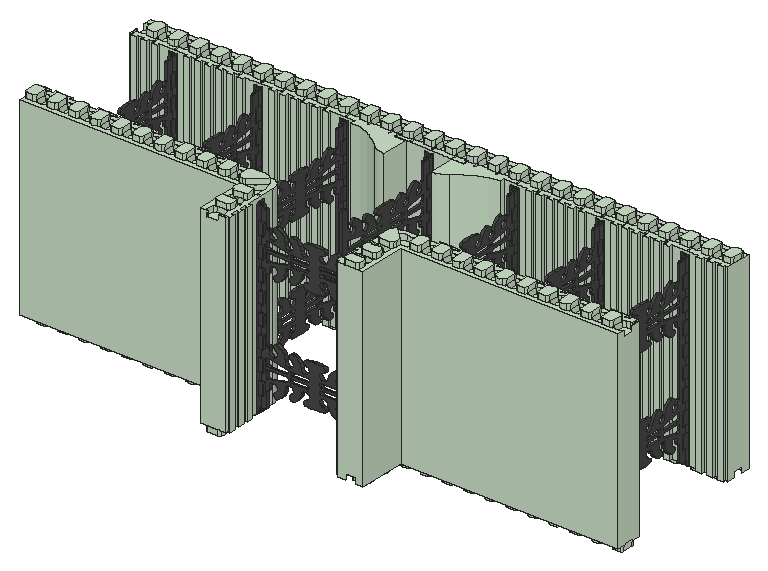
Revit family "ICF- NUDURA 10-inch- Short T Form Unit- Imperial", category Generic Models, Revit 2010
Reference planes (in)
  plane 1 "Center (Front/Back)": y = -2
  plane 2: z = 0
  plane 3 "Center (Left/Right)": x = 2
  plane 4: y = 3
  plane 5: y = -7
  plane 6: x = 7
  plane 7: x = -3
  plane 8: z = 18
Forms (in)
  Extrusion 1, solid, material "NUDURA Expanded Polystyrene Foam Insulation"
    sketch origin (0, 0, 0) x (1, 0, 0) y (0, 1, 0)
      loop
        arc (-3.25, -8.49998) -> (-3.61612, -7.6161) -> (-4.5, -7.24998) r 1.25
        line (-4.5, -7.24998) -> (-7.28117, -7.24998) -> (-7.21883, -6.99998) -> (-7.78117, -6.99998) -> (-7.71883, -7.24998) -> (-8.28117, -7.24998) -> (-8.21883, -6.99998) -> (-8.78117, -6.99998) -> (-8.71883, -7.24998) -> (-9.28117, -7.24998) -> (-9.21883, -6.99998) -> (-9.78117, -6.99998) -> (-9.71883, -7.24998) -> (-10.28117, -7.24998) -> (-10.21883, -6.99998) -> (-10.78117, -6.99998) -> (-10.71883, -7.24998) -> (-11.2818, -7.24998) -> (-11.21947, -6.99998) -> (-11.7818, -6.99998) -> (-11.71947, -7.24998) -> (-12.2818, -7.24998) -> (-12.21947, -6.99998) -> (-12.7818, -6.99998) -> (-12.71947, -7.24998) -> (-15.28116, -7.24998) -> (-15.21883, -6.99998) -> (-15.78116, -6.99998) -> (-15.71883, -7.24998) -> (-16.28116, -7.24998) -> (-16.21883, -6.99998) -> (-16.78116, -6.99998) -> (-16.71883, -7.24998) -> (-17.28116, -7.24998) -> (-17.21883, -6.99998) -> (-17.78116, -6.99998) -> (-17.71883, -7.24998) -> (-18.28179, -7.24998) -> (-18.21946, -6.99998) -> (-18.78179, -6.99998) -> (-18.71946, -7.24998) -> (-19.28179, -7.24998) -> (-19.21946, -6.99998) -> (-19.78179, -6.99998) -> (-19.71946, -7.24998) -> (-20.28179, -7.24998) -> (-20.21946, -6.99998) -> (-20.78179, -6.99998) -> (-20.71946, -7.24998) -> (-23.28115, -7.24998) -> (-23.21882, -6.99998) -> (-23.78115, -6.99998) -> (-23.71882, -7.24998) -> (-24.28115, -7.24998) -> (-24.21882, -6.99998) -> (-24.78115, -6.99998) -> (-24.71882, -7.24998) -> (-25.28115, -7.24998) -> (-25.21882, -6.99998) -> (-25.78115, -6.99998) -> (-25.71882, -7.24998) -> (-26, -7.24998) -> (-26, -9.62244) -> (-5.625, -9.62244) -> (-5.625, -13.99744) -> (-3.25, -13.99744) -> (-3.25, -13.71882) -> (-3, -13.78115) -> (-3, -13.21882) -> (-3.25, -13.28115) -> (-3.25, -12.71882) -> (-3, -12.78115) -> (-3, -12.21882) -> (-3.25, -12.28115) -> (-3.25, -11.71882) -> (-3, -11.78115) -> (-3, -11.21882) -> (-3.25, -11.28115) -> (-3.25, -8.49998)
      loop
        line (9, 2.875) -> (9, 3.25) -> (11.28117, 3.25) -> (11.21883, 3) -> (11.78117, 3) -> (11.71883, 3.25) -> (12.28117, 3.25) -> (12.21883, 3) -> (12.78117, 3) -> (12.71883, 3.25) -> (13.28117, 3.25) -> (13.21883, 3) -> (13.78117, 3) -> (13.71883, 3.25) -> (14.28053, 3.25) -> (14.2182, 3) -> (14.78053, 3) -> (14.7182, 3.25) -> (15.28053, 3.25) -> (15.2182, 3) -> (15.78053, 3) -> (15.7182, 3.25) -> (16.28053, 3.25) -> (16.2182, 3) -> (16.78053, 3) -> (16.7182, 3.25) -> (19.28116, 3.25) -> (19.21883, 3) -> (19.78116, 3) -> (19.71883, 3.25) -> (20.28116, 3.25) -> (20.21883, 3) -> (20.78116, 3) -> (20.71883, 3.25) -> (21.28116, 3.25) -> (21.21883, 3) -> (21.78116, 3) -> (21.71883, 3.25) -> (22.28053, 3.25) -> (22.21819, 3) -> (22.78053, 3) -> (22.71819, 3.25) -> (23.28053, 3.25) -> (23.21819, 3) -> (23.78053, 3) -> (23.71819, 3.25) -> (24.28053, 3.25) -> (24.21819, 3) -> (24.78053, 3) -> (24.71819, 3.25) -> (27.28115, 3.25) -> (27.21882, 3) -> (27.78115, 3) -> (27.71882, 3.25) -> (28.28115, 3.25) -> (28.21882, 3) -> (28.78115, 3) -> (28.71882, 3.25) -> (29.28115, 3.25) -> (29.21882, 3) -> (29.78115, 3) -> (29.71882, 3.25) -> (30, 3.25) -> (30, 5.62754) -> (5.25, 5.62754) -> (5.25, 5.17633) -> (5, 5.24332) -> (5, 4.63633) -> (5.25, 4.69867) -> (5.25, 4.17633) -> (5, 4.24332) -> (5, 3.63633) -> (5.25, 3.69867) -> (5.25, 3.25) -> (4.21883, 3.25) -> (4.21883, 0.75162)
        arc (4.21883, 0.75162) -> (4.91296, 0.90605) -> (5.50918, 1.29358) r 2
        arc (5.50918, 1.29358) -> (7.12304, 2.37468) -> (9, 2.875) r 5.91797
      loop
        line (-0.21883, 0.75162) -> (-0.21883, 3.25) -> (-1.25, 3.25) -> (-1.25, 3.69867) -> (-1, 3.63633) -> (-1, 4.24332) -> (-1.25, 4.17633) -> (-1.25, 4.69867) -> (-1, 4.63633) -> (-1, 5.24332) -> (-1.25, 5.17633) -> (-1.25, 5.62754) -> (-26, 5.62754) -> (-26, 3.25) -> (-25.71882, 3.25) -> (-25.78115, 3) -> (-25.21882, 3) -> (-25.28115, 3.25) -> (-24.71882, 3.25) -> (-24.78115, 3) -> (-24.21882, 3) -> (-24.28115, 3.25) -> (-23.71882, 3.25) -> (-23.78115, 3) -> (-23.21882, 3) -> (-23.28115, 3.25) -> (-20.71819, 3.25) -> (-20.78053, 3) -> (-20.21819, 3) -> (-20.28053, 3.25) -> (-19.71819, 3.25) -> (-19.78053, 3) -> (-19.21819, 3) -> (-19.28053, 3.25) -> (-18.71819, 3.25) -> (-18.78053, 3) -> (-18.21819, 3) -> (-18.28053, 3.25) -> (-17.71883, 3.25) -> (-17.78116, 3) -> (-17.21883, 3) -> (-17.28116, 3.25) -> (-16.71883, 3.25) -> (-16.78116, 3) -> (-16.21883, 3) -> (-16.28116, 3.25) -> (-15.71883, 3.25) -> (-15.78116, 3) -> (-15.21883, 3) -> (-15.28116, 3.25) -> (-12.7182, 3.25) -> (-12.78053, 3) -> (-12.2182, 3) -> (-12.28053, 3.25) -> (-11.7182, 3.25) -> (-11.78053, 3) -> (-11.2182, 3) -> (-11.28053, 3.25) -> (-10.7182, 3.25) -> (-10.78053, 3) -> (-10.2182, 3) -> (-10.28053, 3.25) -> (-9.71883, 3.25) -> (-9.78117, 3) -> (-9.21883, 3) -> (-9.28117, 3.25) -> (-8.71883, 3.25) -> (-8.78117, 3) -> (-8.21883, 3) -> (-8.28117, 3.25) -> (-7.71883, 3.25) -> (-7.78117, 3) -> (-7.21883, 3) -> (-7.28117, 3.25) -> (-5, 3.25) -> (-5, 2.875)
        arc (-5, 2.875) -> (-3.12304, 2.37468) -> (-1.50918, 1.29358) r 5.91797
        arc (-1.50918, 1.29358) -> (-0.91296, 0.90605) -> (-0.21883, 0.75162) r 2
      loop
        line (7.25, -8.49998) -> (7.25, -11.28115) -> (7, -11.21882) -> (7, -11.78115) -> (7.25, -11.71882) -> (7.25, -12.28115) -> (7, -12.21882) -> (7, -12.78115) -> (7.25, -12.71882) -> (7.25, -13.28115) -> (7, -13.21882) -> (7, -13.78115) -> (7.25, -13.71882) -> (7.25, -13.99998) -> (9.625, -13.99998) -> (9.625, -9.62244) -> (30, -9.62244) -> (30, -7.24998) -> (29.71882, -7.24998) -> (29.78115, -6.99998) -> (29.21882, -6.99998) -> (29.28115, -7.24998) -> (28.71882, -7.24998) -> (28.78115, -6.99998) -> (28.21882, -6.99998) -> (28.28115, -7.24998) -> (27.71882, -7.24998) -> (27.78115, -6.99998) -> (27.21882, -6.99998) -> (27.28115, -7.24998) -> (24.71946, -7.24998) -> (24.78179, -6.99998) -> (24.21946, -6.99998) -> (24.28179, -7.24998) -> (23.71946, -7.24998) -> (23.78179, -6.99998) -> (23.21946, -6.99998) -> (23.28179, -7.24998) -> (22.71946, -7.24998) -> (22.78179, -6.99998) -> (22.21946, -6.99998) -> (22.28179, -7.24998) -> (21.71883, -7.24998) -> (21.78116, -6.99998) -> (21.21883, -6.99998) -> (21.28116, -7.24998) -> (20.71883, -7.24998) -> (20.78116, -6.99998) -> (20.21883, -6.99998) -> (20.28116, -7.24998) -> (19.71883, -7.24998) -> (19.78116, -6.99998) -> (19.21883, -6.99998) -> (19.28116, -7.24998) -> (16.71947, -7.24998) -> (16.7818, -6.99998) -> (16.21947, -6.99998) -> (16.2818, -7.24998) -> (15.71947, -7.24998) -> (15.7818, -6.99998) -> (15.21947, -6.99998) -> (15.2818, -7.24998) -> (14.71947, -7.24998) -> (14.7818, -6.99998) -> (14.21947, -6.99998) -> (14.2818, -7.24998) -> (13.71883, -7.24998) -> (13.78117, -6.99998) -> (13.21883, -6.99998) -> (13.28117, -7.24998) -> (12.71883, -7.24998) -> (12.78117, -6.99998) -> (12.21883, -6.99998) -> (12.28117, -7.24998) -> (11.71883, -7.24998) -> (11.78117, -6.99998) -> (11.21883, -6.99998) -> (11.28117, -7.24998) -> (8.5, -7.24998)
        arc (8.5, -7.24998) -> (7.61612, -7.6161) -> (7.25, -8.49998) r 1.25
    from 0 to 18
  Extrusion 2, void
    sketch origin (0, 12, 0) x (1, 0, 0) y (0, 1, 0)
      loop
        arc (-5.13595, -25.17306) -> (-5.1875, -25.49998) -> (-5.13595, -25.8269) r 1.0625
        arc (-5.13595, -25.8269) -> (-5.0592, -25.94114) -> (-4.93362, -25.99744) r 0.25
        line (-4.93362, -25.99744) -> (-3.94138, -25.99744)
        arc (-3.94138, -25.99744) -> (-3.86932, -25.97564) -> (-3.80702, -25.93338) r 0.25
        arc (-3.80702, -25.93338) -> (-3.78736, -25.92104) -> (-3.76455, -25.91673) r 0.0625
        line (-3.76455, -25.91673) -> (-3.41845, -25.91673) -> (-3.41845, -25.7459) -> (-3.64005, -25.7459)
        arc (-3.64005, -25.7459) -> (-3.68771, -25.72383) -> (-3.70172, -25.67321) r 0.0625
        arc (-3.70172, -25.67321) -> (-3.69045, -25.4209) -> (-3.73905, -25.17306) r 1.0625
        arc (-3.73905, -25.17306) -> (-3.82983, -25.04783) -> (-3.97692, -24.99998) r 0.25
        line (-3.97692, -24.99998) -> (-4.89808, -24.99998)
        arc (-4.89808, -24.99998) -> (-5.04517, -25.04783) -> (-5.13595, -25.17306) r 0.25
    from 18 to 17.5
  Extrusion 3, void
    sketch origin (0, 14, 0) x (1, 0, 0) y (0, 1, 0)
      loop
        arc (-5.13595, -25.17306) -> (-5.1875, -25.49998) -> (-5.13595, -25.8269) r 1.0625
        arc (-5.13595, -25.8269) -> (-5.04517, -25.95213) -> (-4.89808, -25.99998) r 0.25
        line (-4.89808, -25.99998) -> (-3.97692, -25.99998)
        arc (-3.97692, -25.99998) -> (-3.88568, -25.98274) -> (-3.80702, -25.93338) r 0.25
        arc (-3.80702, -25.93338) -> (-3.78736, -25.92104) -> (-3.76455, -25.91673) r 0.0625
        line (-3.76455, -25.91673) -> (-3.41845, -25.91673) -> (-3.41845, -25.7459) -> (-3.64005, -25.7459)
        arc (-3.64005, -25.7459) -> (-3.68771, -25.72383) -> (-3.70172, -25.67321) r 0.0625
        arc (-3.70172, -25.67321) -> (-3.69045, -25.4209) -> (-3.73905, -25.17306) r 1.0625
        arc (-3.73905, -25.17306) -> (-3.82983, -25.04783) -> (-3.97692, -24.99998) r 0.25
        line (-3.97692, -24.99998) -> (-4.89808, -24.99998)
        arc (-4.89808, -24.99998) -> (-5.04517, -25.04783) -> (-5.13595, -25.17306) r 0.25
    from 18 to 17.5
  Extrusion 4, void
    sketch origin (0, -4, 0) x (1, 0, 0) y (0, 1, 0)
      loop
        line (-5.1875, -5.18748) -> (-5.1875, -5.49998)
        arc (-5.1875, -5.49998) -> (-5.17453, -5.66546) -> (-5.13595, -5.8269) r 1.0625
        arc (-5.13595, -5.8269) -> (-5.04517, -5.95213) -> (-4.89808, -5.99998) r 0.25
        line (-4.89808, -5.99998) -> (-3.97692, -5.99998)
        arc (-3.97692, -5.99998) -> (-3.88568, -5.98274) -> (-3.80702, -5.93338) r 0.25
        arc (-3.80702, -5.93338) -> (-3.78736, -5.92104) -> (-3.76455, -5.91673) r 0.0625
        line (-3.76455, -5.91673) -> (-3.41845, -5.91673) -> (-3.41845, -5.7459) -> (-3.64005, -5.7459)
        arc (-3.64005, -5.7459) -> (-3.68771, -5.72383) -> (-3.70172, -5.67321) r 0.0625
        arc (-3.70172, -5.67321) -> (-3.69106, -5.58689) -> (-3.6875, -5.49998) r 1.0625
        line (-3.6875, -5.49998) -> (-3.6875, -4.68748)
        arc (-3.6875, -4.68748) -> (-3.76362, -4.3048) -> (-3.98039, -3.98037) r 1
        line (-3.98039, -3.98037) -> (-5.1875, -5.18748)
    from 18 to 17.5
  Extrusion 5, void
    sketch origin (-31.99998, -3.99998, 0) x (0, 1, 0) y (-1, 0, 0)
      loop
        arc (-5.13595, -25.17306) -> (-5.1875, -25.49998) -> (-5.13595, -25.8269) r 1.0625
        arc (-5.13595, -25.8269) -> (-5.04517, -25.95213) -> (-4.89808, -25.99998) r 0.25
        line (-4.89808, -25.99998) -> (-3.97692, -25.99998)
        arc (-3.97692, -25.99998) -> (-3.88568, -25.98274) -> (-3.80702, -25.93338) r 0.25
        arc (-3.80702, -25.93338) -> (-3.78736, -25.92104) -> (-3.76455, -25.91673) r 0.0625
        line (-3.76455, -25.91673) -> (-3.41845, -25.91673) -> (-3.41845, -25.7459) -> (-3.64005, -25.7459)
        arc (-3.64005, -25.7459) -> (-3.68771, -25.72383) -> (-3.70172, -25.67321) r 0.0625
        arc (-3.70172, -25.67321) -> (-3.69045, -25.4209) -> (-3.73905, -25.17306) r 1.0625
        arc (-3.73905, -25.17306) -> (-3.82983, -25.04783) -> (-3.97692, -24.99998) r 0.25
        line (-3.97692, -24.99998) -> (-4.89808, -24.99998)
        arc (-4.89808, -24.99998) -> (-5.04517, -25.04783) -> (-5.13595, -25.17306) r 0.25
    from 18 to 17.5
  Extrusion 6, void
    sketch origin (-33.99998, -3.99998, 0) x (0, 1, 0) y (-1, 0, 0)
      loop
        arc (-5.13595, -25.17306) -> (-5.1875, -25.49998) -> (-5.13595, -25.8269) r 1.0625
        arc (-5.13595, -25.8269) -> (-5.04517, -25.95213) -> (-4.89808, -25.99998) r 0.25
        line (-4.89808, -25.99998) -> (-3.97692, -25.99998)
        arc (-3.97692, -25.99998) -> (-3.88568, -25.98274) -> (-3.80702, -25.93338) r 0.25
        arc (-3.80702, -25.93338) -> (-3.78736, -25.92104) -> (-3.76455, -25.91673) r 0.0625
        line (-3.76455, -25.91673) -> (-3.41845, -25.91673) -> (-3.41845, -25.7459) -> (-3.64005, -25.7459)
        arc (-3.64005, -25.7459) -> (-3.68771, -25.72383) -> (-3.70172, -25.67321) r 0.0625
        arc (-3.70172, -25.67321) -> (-3.69045, -25.4209) -> (-3.73905, -25.17306) r 1.0625
        arc (-3.73905, -25.17306) -> (-3.82983, -25.04783) -> (-3.97692, -24.99998) r 0.25
        line (-3.97692, -24.99998) -> (-4.89808, -24.99998)
        arc (-4.89808, -24.99998) -> (-5.04517, -25.04783) -> (-5.13595, -25.17306) r 0.25
    from 18 to 17.5
  Extrusion 7, void
    sketch origin (0, -37.99996, 0) x (1, 0, 0) y (0, 1, 0)
      loop
        arc (-5.13595, 25.17306) -> (-5.04517, 25.04783) -> (-4.89808, 24.99998) r 0.25
        line (-4.89808, 24.99998) -> (-3.97692, 24.99998)
        arc (-3.97692, 24.99998) -> (-3.82983, 25.04783) -> (-3.73905, 25.17306) r 0.25
        arc (-3.73905, 25.17306) -> (-3.69045, 25.4209) -> (-3.70172, 25.67321) r 1.0625
        arc (-3.70172, 25.67321) -> (-3.68771, 25.72383) -> (-3.64005, 25.7459) r 0.0625
        line (-3.64005, 25.7459) -> (-3.41845, 25.7459) -> (-3.41845, 25.91673) -> (-3.76455, 25.91673)
        arc (-3.76455, 25.91673) -> (-3.78736, 25.92104) -> (-3.80702, 25.93338) r 0.0625
        arc (-3.80702, 25.93338) -> (-3.88568, 25.98274) -> (-3.97692, 25.99998) r 0.25
        line (-3.97692, 25.99998) -> (-4.89808, 25.99998)
        arc (-4.89808, 25.99998) -> (-5.04517, 25.95213) -> (-5.13595, 25.8269) r 0.25
        arc (-5.13595, 25.8269) -> (-5.1875, 25.49998) -> (-5.13595, 25.17306) r 1.0625
    from 0 to 0.5
  Extrusion 8, void
    sketch origin (0, -35.99996, 0) x (1, 0, 0) y (0, 1, 0)
      loop
        arc (-5.13595, 25.17306) -> (-5.04517, 25.04783) -> (-4.89808, 24.99998) r 0.25
        line (-4.89808, 24.99998) -> (-3.97692, 24.99998)
        arc (-3.97692, 24.99998) -> (-3.82983, 25.04783) -> (-3.73905, 25.17306) r 0.25
        arc (-3.73905, 25.17306) -> (-3.69045, 25.4209) -> (-3.70172, 25.67321) r 1.0625
        arc (-3.70172, 25.67321) -> (-3.68771, 25.72383) -> (-3.64005, 25.7459) r 0.0625
        line (-3.64005, 25.7459) -> (-3.41845, 25.7459) -> (-3.41845, 25.91673) -> (-3.76455, 25.91673)
        arc (-3.76455, 25.91673) -> (-3.78736, 25.92104) -> (-3.80702, 25.93338) r 0.0625
        arc (-3.80702, 25.93338) -> (-3.88568, 25.98274) -> (-3.97692, 25.99998) r 0.25
        line (-3.97692, 25.99998) -> (-4.89808, 25.99998)
        arc (-4.89808, 25.99998) -> (-5.04517, 25.95213) -> (-5.13595, 25.8269) r 0.25
        arc (-5.13595, 25.8269) -> (-5.1875, 25.49998) -> (-5.13595, 25.17306) r 1.0625
    from 0 to 0.5
  Extrusion 9, void
    sketch origin (-0.00002, -3.99998, 0) x (0, 1, 0) y (-1, 0, 0)
      loop
        line (-5.1875, 5.18748) -> (-3.98039, 3.98037)
        arc (-3.98039, 3.98037) -> (-3.76362, 4.3048) -> (-3.6875, 4.68748) r 1
        line (-3.6875, 4.68748) -> (-3.6875, 5.49998)
        arc (-3.6875, 5.49998) -> (-3.69106, 5.58689) -> (-3.70172, 5.67321) r 1.0625
        arc (-3.70172, 5.67321) -> (-3.68771, 5.72383) -> (-3.64005, 5.7459) r 0.0625
        line (-3.64005, 5.7459) -> (-3.41845, 5.7459) -> (-3.41845, 5.91673) -> (-3.76455, 5.91673)
        arc (-3.76455, 5.91673) -> (-3.78736, 5.92104) -> (-3.80702, 5.93338) r 0.0625
        arc (-3.80702, 5.93338) -> (-3.88568, 5.98274) -> (-3.97692, 5.99998) r 0.25
        line (-3.97692, 5.99998) -> (-4.89808, 5.99998)
        arc (-4.89808, 5.99998) -> (-5.04517, 5.95213) -> (-5.13595, 5.8269) r 0.25
        arc (-5.13595, 5.8269) -> (-5.17453, 5.66546) -> (-5.1875, 5.49998) r 1.0625
        line (-5.1875, 5.49998) -> (-5.1875, 5.18748)
    from 0 to 0.5
  Extrusion 10, void
    sketch origin (17.99998, -3.99998, 0) x (0, 1, 0) y (-1, 0, 0)
      loop
        arc (-5.13595, 25.17306) -> (-5.04517, 25.04783) -> (-4.89808, 24.99998) r 0.25
        line (-4.89808, 24.99998) -> (-3.97692, 24.99998)
        arc (-3.97692, 24.99998) -> (-3.82983, 25.04783) -> (-3.73905, 25.17306) r 0.25
        arc (-3.73905, 25.17306) -> (-3.69045, 25.4209) -> (-3.70172, 25.67321) r 1.0625
        arc (-3.70172, 25.67321) -> (-3.68771, 25.72383) -> (-3.64005, 25.7459) r 0.0625
        line (-3.64005, 25.7459) -> (-3.41845, 25.7459) -> (-3.41845, 25.91673) -> (-3.76455, 25.91673)
        arc (-3.76455, 25.91673) -> (-3.78736, 25.92104) -> (-3.80702, 25.93338) r 0.0625
        arc (-3.80702, 25.93338) -> (-3.88568, 25.98274) -> (-3.97692, 25.99998) r 0.25
        line (-3.97692, 25.99998) -> (-4.89808, 25.99998)
        arc (-4.89808, 25.99998) -> (-5.04517, 25.95213) -> (-5.13595, 25.8269) r 0.25
        arc (-5.13595, 25.8269) -> (-5.1875, 25.49998) -> (-5.13595, 25.17306) r 1.0625
    from 0 to 0.5
  Extrusion 11, void
    sketch origin (15.99998, -3.99998, 0) x (0, 1, 0) y (-1, 0, 0)
      loop
        arc (-5.13595, 25.17306) -> (-5.04517, 25.04783) -> (-4.89808, 24.99998) r 0.25
        line (-4.89808, 24.99998) -> (-3.97692, 24.99998)
        arc (-3.97692, 24.99998) -> (-3.82983, 25.04783) -> (-3.73905, 25.17306) r 0.25
        arc (-3.73905, 25.17306) -> (-3.69045, 25.4209) -> (-3.70172, 25.67321) r 1.0625
        arc (-3.70172, 25.67321) -> (-3.68771, 25.72383) -> (-3.64005, 25.7459) r 0.0625
        line (-3.64005, 25.7459) -> (-3.41845, 25.7459) -> (-3.41845, 25.91673) -> (-3.76455, 25.91673)
        arc (-3.76455, 25.91673) -> (-3.78736, 25.92104) -> (-3.80702, 25.93338) r 0.0625
        arc (-3.80702, 25.93338) -> (-3.88568, 25.98274) -> (-3.97692, 25.99998) r 0.25
        line (-3.97692, 25.99998) -> (-4.89808, 25.99998)
        arc (-4.89808, 25.99998) -> (-5.04517, 25.95213) -> (-5.13595, 25.8269) r 0.25
        arc (-5.13595, 25.8269) -> (-5.1875, 25.49998) -> (-5.13595, 25.17306) r 1.0625
    from 0 to 0.5
  Extrusion 12, void
    sketch origin (4, -37.99996, 0) x (-1, 0, 0) y (0, -1, 0)
      loop
        arc (-5.13595, -25.17306) -> (-5.1875, -25.49998) -> (-5.13595, -25.8269) r 1.0625
        arc (-5.13595, -25.8269) -> (-5.04517, -25.95213) -> (-4.89808, -25.99998) r 0.25
        line (-4.89808, -25.99998) -> (-3.97692, -25.99998)
        arc (-3.97692, -25.99998) -> (-3.88568, -25.98274) -> (-3.80702, -25.93338) r 0.25
        arc (-3.80702, -25.93338) -> (-3.78736, -25.92104) -> (-3.76455, -25.91673) r 0.0625
        line (-3.76455, -25.91673) -> (-3.41845, -25.91673) -> (-3.41845, -25.7459) -> (-3.64005, -25.7459)
        arc (-3.64005, -25.7459) -> (-3.68771, -25.72383) -> (-3.70172, -25.67321) r 0.0625
        arc (-3.70172, -25.67321) -> (-3.69045, -25.4209) -> (-3.73905, -25.17306) r 1.0625
        arc (-3.73905, -25.17306) -> (-3.82983, -25.04783) -> (-3.97692, -24.99998) r 0.25
        line (-3.97692, -24.99998) -> (-4.89808, -24.99998)
        arc (-4.89808, -24.99998) -> (-5.04517, -25.04783) -> (-5.13595, -25.17306) r 0.25
    from 18 to 17.5
  Extrusion 13, void
    sketch origin (4, -35.99996, 0) x (-1, 0, 0) y (0, -1, 0)
      loop
        arc (-5.13595, -25.17306) -> (-5.1875, -25.49998) -> (-5.13595, -25.8269) r 1.0625
        arc (-5.13595, -25.8269) -> (-5.04517, -25.95213) -> (-4.89808, -25.99998) r 0.25
        line (-4.89808, -25.99998) -> (-3.97692, -25.99998)
        arc (-3.97692, -25.99998) -> (-3.88568, -25.98274) -> (-3.80702, -25.93338) r 0.25
        arc (-3.80702, -25.93338) -> (-3.78736, -25.92104) -> (-3.76455, -25.91673) r 0.0625
        line (-3.76455, -25.91673) -> (-3.41845, -25.91673) -> (-3.41845, -25.7459) -> (-3.64005, -25.7459)
        arc (-3.64005, -25.7459) -> (-3.68771, -25.72383) -> (-3.70172, -25.67321) r 0.0625
        arc (-3.70172, -25.67321) -> (-3.69045, -25.4209) -> (-3.73905, -25.17306) r 1.0625
        arc (-3.73905, -25.17306) -> (-3.82983, -25.04783) -> (-3.97692, -24.99998) r 0.25
        line (-3.97692, -24.99998) -> (-4.89808, -24.99998)
        arc (-4.89808, -24.99998) -> (-5.04517, -25.04783) -> (-5.13595, -25.17306) r 0.25
    from 18 to 17.5
  Extrusion 14, void
    sketch origin (-13.99998, -3.99998, 0) x (0, 1, 0) y (-1, 0, 0)
      loop
        arc (-5.13595, -25.17306) -> (-5.1875, -25.49998) -> (-5.13595, -25.8269) r 1.0625
        arc (-5.13595, -25.8269) -> (-5.04517, -25.95213) -> (-4.89808, -25.99998) r 0.25
        line (-4.89808, -25.99998) -> (-3.97692, -25.99998)
        arc (-3.97692, -25.99998) -> (-3.88568, -25.98274) -> (-3.80702, -25.93338) r 0.25
        arc (-3.80702, -25.93338) -> (-3.78736, -25.92104) -> (-3.76455, -25.91673) r 0.0625
        line (-3.76455, -25.91673) -> (-3.41845, -25.91673) -> (-3.41845, -25.7459) -> (-3.64005, -25.7459)
        arc (-3.64005, -25.7459) -> (-3.68771, -25.72383) -> (-3.70172, -25.67321) r 0.0625
        arc (-3.70172, -25.67321) -> (-3.69045, -25.4209) -> (-3.73905, -25.17306) r 1.0625
        arc (-3.73905, -25.17306) -> (-3.82983, -25.04783) -> (-3.97692, -24.99998) r 0.25
        line (-3.97692, -24.99998) -> (-4.89808, -24.99998)
        arc (-4.89808, -24.99998) -> (-5.04517, -25.04783) -> (-5.13595, -25.17306) r 0.25
    from 18 to 17.5
  Extrusion 15, void
    sketch origin (-11.99998, -3.99998, 0) x (0, 1, 0) y (-1, 0, 0)
      loop
        arc (-5.13595, -25.17306) -> (-5.1875, -25.49998) -> (-5.13595, -25.8269) r 1.0625
        arc (-5.13595, -25.8269) -> (-5.04517, -25.95213) -> (-4.89808, -25.99998) r 0.25
        line (-4.89808, -25.99998) -> (-3.97692, -25.99998)
        arc (-3.97692, -25.99998) -> (-3.88568, -25.98274) -> (-3.80702, -25.93338) r 0.25
        arc (-3.80702, -25.93338) -> (-3.78736, -25.92104) -> (-3.76455, -25.91673) r 0.0625
        line (-3.76455, -25.91673) -> (-3.41845, -25.91673) -> (-3.41845, -25.7459) -> (-3.64005, -25.7459)
        arc (-3.64005, -25.7459) -> (-3.68771, -25.72383) -> (-3.70172, -25.67321) r 0.0625
        arc (-3.70172, -25.67321) -> (-3.69045, -25.4209) -> (-3.73905, -25.17306) r 1.0625
        arc (-3.73905, -25.17306) -> (-3.82983, -25.04783) -> (-3.97692, -24.99998) r 0.25
        line (-3.97692, -24.99998) -> (-4.89808, -24.99998)
        arc (-4.89808, -24.99998) -> (-5.04517, -25.04783) -> (-5.13595, -25.17306) r 0.25
    from 18 to 17.5
  Extrusion 16, void
    sketch origin (4, -4, 0) x (1, 0, 0) y (0, 1, 0)
      loop
        arc (5.67323, -3.7017) -> (5.58691, -3.69104) -> (5.5, -3.68748) r 1.0625
        line (5.5, -3.68748) -> (4.6875, -3.68748)
        arc (4.6875, -3.68748) -> (4.30482, -3.7636) -> (3.98039, -3.98037) r 1
        line (3.98039, -3.98037) -> (5.1875, -5.18748) -> (5.5, -5.18748)
        arc (5.5, -5.18748) -> (5.66548, -5.17452) -> (5.82692, -5.13593) r 1.0625
        arc (5.82692, -5.13593) -> (5.95215, -5.04515) -> (6, -4.89806) r 0.25
        line (6, -4.89806) -> (6, -3.9769)
        arc (6, -3.9769) -> (5.98276, -3.88566) -> (5.9334, -3.807) r 0.25
        arc (5.9334, -3.807) -> (5.92106, -3.78734) -> (5.91675, -3.76453) r 0.0625
        line (5.91675, -3.76453) -> (5.91675, -3.41844) -> (5.74592, -3.41844) -> (5.74592, -3.64003)
        arc (5.74592, -3.64003) -> (5.72385, -3.68769) -> (5.67323, -3.7017) r 0.0625
    from 18 to 17.5
  Extrusion 17, void
    sketch origin (4, 12, 0) x (-1, 0, 0) y (0, -1, 0)
      loop
        arc (-5.13595, 25.17306) -> (-5.04517, 25.04783) -> (-4.89808, 24.99998) r 0.25
        line (-4.89808, 24.99998) -> (-3.97692, 24.99998)
        arc (-3.97692, 24.99998) -> (-3.82983, 25.04783) -> (-3.73905, 25.17306) r 0.25
        arc (-3.73905, 25.17306) -> (-3.69045, 25.4209) -> (-3.70172, 25.67321) r 1.0625
        arc (-3.70172, 25.67321) -> (-3.68771, 25.72383) -> (-3.64005, 25.7459) r 0.0625
        line (-3.64005, 25.7459) -> (-3.41845, 25.7459) -> (-3.41845, 25.91673) -> (-3.76455, 25.91673)
        arc (-3.76455, 25.91673) -> (-3.78736, 25.92104) -> (-3.80702, 25.93338) r 0.0625
        arc (-3.80702, 25.93338) -> (-3.88568, 25.98274) -> (-3.97692, 25.99998) r 0.25
        line (-3.97692, 25.99998) -> (-4.89808, 25.99998)
        arc (-4.89808, 25.99998) -> (-5.04517, 25.95213) -> (-5.13595, 25.8269) r 0.25
        arc (-5.13595, 25.8269) -> (-5.1875, 25.49998) -> (-5.13595, 25.17306) r 1.0625
    from 0 to 0.5
  Extrusion 18, void
    sketch origin (4, 14, 0) x (-1, 0, 0) y (0, -1, 0)
      loop
        arc (-5.13595, 25.17306) -> (-5.04517, 25.04783) -> (-4.89808, 24.99998) r 0.25
        line (-4.89808, 24.99998) -> (-3.97692, 24.99998)
        arc (-3.97692, 24.99998) -> (-3.82983, 25.04783) -> (-3.73905, 25.17306) r 0.25
        arc (-3.73905, 25.17306) -> (-3.69045, 25.4209) -> (-3.70172, 25.67321) r 1.0625
        arc (-3.70172, 25.67321) -> (-3.68771, 25.72383) -> (-3.64005, 25.7459) r 0.0625
        line (-3.64005, 25.7459) -> (-3.41845, 25.7459) -> (-3.41845, 25.91673) -> (-3.76455, 25.91673)
        arc (-3.76455, 25.91673) -> (-3.78736, 25.92104) -> (-3.80702, 25.93338) r 0.0625
        arc (-3.80702, 25.93338) -> (-3.88568, 25.98274) -> (-3.97692, 25.99998) r 0.25
        line (-3.97692, 25.99998) -> (-4.89808, 25.99998)
        arc (-4.89808, 25.99998) -> (-5.04517, 25.95213) -> (-5.13595, 25.8269) r 0.25
        arc (-5.13595, 25.8269) -> (-5.1875, 25.49998) -> (-5.13595, 25.17306) r 1.0625
    from 0 to 0.5
  Extrusion 19, void
    sketch origin (4.00002, -3.99998, 0) x (0, -1, 0) y (1, 0, 0)
      loop
        arc (5.67323, 3.7017) -> (5.72385, 3.68769) -> (5.74592, 3.64003) r 0.0625
        line (5.74592, 3.64003) -> (5.74592, 3.41844) -> (5.91675, 3.41844) -> (5.91675, 3.76453)
        arc (5.91675, 3.76453) -> (5.92106, 3.78734) -> (5.9334, 3.807) r 0.0625
        arc (5.9334, 3.807) -> (5.98276, 3.88566) -> (6, 3.9769) r 0.25
        line (6, 3.9769) -> (6, 4.89806)
        arc (6, 4.89806) -> (5.95215, 5.04515) -> (5.82692, 5.13593) r 0.25
        arc (5.82692, 5.13593) -> (5.66548, 5.17452) -> (5.5, 5.18748) r 1.0625
        line (5.5, 5.18748) -> (5.1875, 5.18748) -> (3.98039, 3.98037)
        arc (3.98039, 3.98037) -> (4.30482, 3.7636) -> (4.6875, 3.68748) r 1
        line (4.6875, 3.68748) -> (5.5, 3.68748)
        arc (5.5, 3.68748) -> (5.58691, 3.69104) -> (5.67323, 3.7017) r 1.0625
    from 0 to 0.5
  Extrusion 20, void
    sketch origin (35.99998, -3.99998, 0) x (0, 1, 0) y (-1, 0, 0)
      loop
        arc (-5.13595, 25.17306) -> (-5.04517, 25.04783) -> (-4.89808, 24.99998) r 0.25
        line (-4.89808, 24.99998) -> (-3.97692, 24.99998)
        arc (-3.97692, 24.99998) -> (-3.82983, 25.04783) -> (-3.73905, 25.17306) r 0.25
        arc (-3.73905, 25.17306) -> (-3.69045, 25.4209) -> (-3.70172, 25.67321) r 1.0625
        arc (-3.70172, 25.67321) -> (-3.68771, 25.72383) -> (-3.64005, 25.7459) r 0.0625
        line (-3.64005, 25.7459) -> (-3.41845, 25.7459) -> (-3.41845, 25.91673) -> (-3.76455, 25.91673)
        arc (-3.76455, 25.91673) -> (-3.78736, 25.92104) -> (-3.80702, 25.93338) r 0.0625
        arc (-3.80702, 25.93338) -> (-3.88568, 25.98274) -> (-3.97692, 25.99998) r 0.25
        line (-3.97692, 25.99998) -> (-4.89808, 25.99998)
        arc (-4.89808, 25.99998) -> (-5.04517, 25.95213) -> (-5.13595, 25.8269) r 0.25
        arc (-5.13595, 25.8269) -> (-5.1875, 25.49998) -> (-5.13595, 25.17306) r 1.0625
    from 0 to 0.5
  Extrusion 21, void
    sketch origin (37.99998, -3.99998, 0) x (0, 1, 0) y (-1, 0, 0)
      loop
        arc (-5.13595, 25.17306) -> (-5.04517, 25.04783) -> (-4.89808, 24.99998) r 0.25
        line (-4.89808, 24.99998) -> (-3.97692, 24.99998)
        arc (-3.97692, 24.99998) -> (-3.82983, 25.04783) -> (-3.73905, 25.17306) r 0.25
        arc (-3.73905, 25.17306) -> (-3.69045, 25.4209) -> (-3.70172, 25.67321) r 1.0625
        arc (-3.70172, 25.67321) -> (-3.68771, 25.72383) -> (-3.64005, 25.7459) r 0.0625
        line (-3.64005, 25.7459) -> (-3.41845, 25.7459) -> (-3.41845, 25.91673) -> (-3.76455, 25.91673)
        arc (-3.76455, 25.91673) -> (-3.78736, 25.92104) -> (-3.80702, 25.93338) r 0.0625
        arc (-3.80702, 25.93338) -> (-3.88568, 25.98274) -> (-3.97692, 25.99998) r 0.25
        line (-3.97692, 25.99998) -> (-4.89808, 25.99998)
        arc (-4.89808, 25.99998) -> (-5.04517, 25.95213) -> (-5.13595, 25.8269) r 0.25
        arc (-5.13595, 25.8269) -> (-5.1875, 25.49998) -> (-5.13595, 25.17306) r 1.0625
    from 0 to 0.5
  Extrusion 22, void
    sketch origin (15.99998, -0.00002, 0) x (0, -1, 0) y (1, 0, 0)
      loop
        arc (-5.13595, -25.17306) -> (-5.1875, -25.49998) -> (-5.13595, -25.8269) r 1.0625
        arc (-5.13595, -25.8269) -> (-5.04517, -25.95213) -> (-4.89808, -25.99998) r 0.25
        line (-4.89808, -25.99998) -> (-3.97692, -25.99998)
        arc (-3.97692, -25.99998) -> (-3.88568, -25.98274) -> (-3.80702, -25.93338) r 0.25
        arc (-3.80702, -25.93338) -> (-3.78736, -25.92104) -> (-3.76455, -25.91673) r 0.0625
        line (-3.76455, -25.91673) -> (-3.41845, -25.91673) -> (-3.41845, -25.7459) -> (-3.64005, -25.7459)
        arc (-3.64005, -25.7459) -> (-3.68771, -25.72383) -> (-3.70172, -25.67321) r 0.0625
        arc (-3.70172, -25.67321) -> (-3.69045, -25.4209) -> (-3.73905, -25.17306) r 1.0625
        arc (-3.73905, -25.17306) -> (-3.82983, -25.04783) -> (-3.97692, -24.99998) r 0.25
        line (-3.97692, -24.99998) -> (-4.89808, -24.99998)
        arc (-4.89808, -24.99998) -> (-5.04517, -25.04783) -> (-5.13595, -25.17306) r 0.25
    from 18 to 17.5
  Extrusion 23, void
    sketch origin (17.99998, -0.00002, 0) x (0, -1, 0) y (1, 0, 0)
      loop
        arc (-5.13595, -25.17306) -> (-5.1875, -25.49998) -> (-5.13595, -25.8269) r 1.0625
        arc (-5.13595, -25.8269) -> (-5.04517, -25.95213) -> (-4.89808, -25.99998) r 0.25
        line (-4.89808, -25.99998) -> (-3.97692, -25.99998)
        arc (-3.97692, -25.99998) -> (-3.88568, -25.98274) -> (-3.80702, -25.93338) r 0.25
        arc (-3.80702, -25.93338) -> (-3.78736, -25.92104) -> (-3.76455, -25.91673) r 0.0625
        line (-3.76455, -25.91673) -> (-3.41845, -25.91673) -> (-3.41845, -25.7459) -> (-3.64005, -25.7459)
        arc (-3.64005, -25.7459) -> (-3.68771, -25.72383) -> (-3.70172, -25.67321) r 0.0625
        arc (-3.70172, -25.67321) -> (-3.69045, -25.4209) -> (-3.73905, -25.17306) r 1.0625
        arc (-3.73905, -25.17306) -> (-3.82983, -25.04783) -> (-3.97692, -24.99998) r 0.25
        line (-3.97692, -24.99998) -> (-4.89808, -24.99998)
        arc (-4.89808, -24.99998) -> (-5.04517, -25.04783) -> (-5.13595, -25.17306) r 0.25
    from 18 to 17.5
  Extrusion 24, void
    sketch origin (19.99998, -0.00002, 0) x (0, -1, 0) y (1, 0, 0)
      loop
        arc (-5.13595, -25.17306) -> (-5.1875, -25.49998) -> (-5.13595, -25.8269) r 1.0625
        arc (-5.13595, -25.8269) -> (-5.04517, -25.95213) -> (-4.89808, -25.99998) r 0.25
        line (-4.89808, -25.99998) -> (-3.97692, -25.99998)
        arc (-3.97692, -25.99998) -> (-3.88568, -25.98274) -> (-3.80702, -25.93338) r 0.25
        arc (-3.80702, -25.93338) -> (-3.78736, -25.92104) -> (-3.76455, -25.91673) r 0.0625
        line (-3.76455, -25.91673) -> (-3.41845, -25.91673) -> (-3.41845, -25.7459) -> (-3.64005, -25.7459)
        arc (-3.64005, -25.7459) -> (-3.68771, -25.72383) -> (-3.70172, -25.67321) r 0.0625
        arc (-3.70172, -25.67321) -> (-3.69045, -25.4209) -> (-3.73905, -25.17306) r 1.0625
        arc (-3.73905, -25.17306) -> (-3.82983, -25.04783) -> (-3.97692, -24.99998) r 0.25
        line (-3.97692, -24.99998) -> (-4.89808, -24.99998)
        arc (-4.89808, -24.99998) -> (-5.04517, -25.04783) -> (-5.13595, -25.17306) r 0.25
    from 18 to 17.5
  Extrusion 25, void
    sketch origin (21.99998, -0.00002, 0) x (0, -1, 0) y (1, 0, 0)
      loop
        arc (-5.13595, -25.17306) -> (-5.1875, -25.49998) -> (-5.13595, -25.8269) r 1.0625
        arc (-5.13595, -25.8269) -> (-5.04517, -25.95213) -> (-4.89808, -25.99998) r 0.25
        line (-4.89808, -25.99998) -> (-3.97692, -25.99998)
        arc (-3.97692, -25.99998) -> (-3.88568, -25.98274) -> (-3.80702, -25.93338) r 0.25
        arc (-3.80702, -25.93338) -> (-3.78736, -25.92104) -> (-3.76455, -25.91673) r 0.0625
        line (-3.76455, -25.91673) -> (-3.41845, -25.91673) -> (-3.41845, -25.7459) -> (-3.64005, -25.7459)
        arc (-3.64005, -25.7459) -> (-3.68771, -25.72383) -> (-3.70172, -25.67321) r 0.0625
        arc (-3.70172, -25.67321) -> (-3.69045, -25.4209) -> (-3.73905, -25.17306) r 1.0625
        arc (-3.73905, -25.17306) -> (-3.82983, -25.04783) -> (-3.97692, -24.99998) r 0.25
        line (-3.97692, -24.99998) -> (-4.89808, -24.99998)
        arc (-4.89808, -24.99998) -> (-5.04517, -25.04783) -> (-5.13595, -25.17306) r 0.25
    from 18 to 17.5
  Extrusion 26, void
    sketch origin (23.99998, -0.00002, 0) x (0, -1, 0) y (1, 0, 0)
      loop
        arc (-5.13595, -25.17306) -> (-5.1875, -25.49998) -> (-5.13595, -25.8269) r 1.0625
        arc (-5.13595, -25.8269) -> (-5.04517, -25.95213) -> (-4.89808, -25.99998) r 0.25
        line (-4.89808, -25.99998) -> (-3.97692, -25.99998)
        arc (-3.97692, -25.99998) -> (-3.88568, -25.98274) -> (-3.80702, -25.93338) r 0.25
        arc (-3.80702, -25.93338) -> (-3.78736, -25.92104) -> (-3.76455, -25.91673) r 0.0625
        line (-3.76455, -25.91673) -> (-3.41845, -25.91673) -> (-3.41845, -25.7459) -> (-3.64005, -25.7459)
        arc (-3.64005, -25.7459) -> (-3.68771, -25.72383) -> (-3.70172, -25.67321) r 0.0625
        arc (-3.70172, -25.67321) -> (-3.69045, -25.4209) -> (-3.73905, -25.17306) r 1.0625
        arc (-3.73905, -25.17306) -> (-3.82983, -25.04783) -> (-3.97692, -24.99998) r 0.25
        line (-3.97692, -24.99998) -> (-4.89808, -24.99998)
        arc (-4.89808, -24.99998) -> (-5.04517, -25.04783) -> (-5.13595, -25.17306) r 0.25
    from 18 to 17.5
  Extrusion 27, void
    sketch origin (25.99998, -0.00002, 0) x (0, -1, 0) y (1, 0, 0)
      loop
        arc (-5.13595, -25.17306) -> (-5.1875, -25.49998) -> (-5.13595, -25.8269) r 1.0625
        arc (-5.13595, -25.8269) -> (-5.04517, -25.95213) -> (-4.89808, -25.99998) r 0.25
        line (-4.89808, -25.99998) -> (-3.97692, -25.99998)
        arc (-3.97692, -25.99998) -> (-3.88568, -25.98274) -> (-3.80702, -25.93338) r 0.25
        arc (-3.80702, -25.93338) -> (-3.78736, -25.92104) -> (-3.76455, -25.91673) r 0.0625
        line (-3.76455, -25.91673) -> (-3.41845, -25.91673) -> (-3.41845, -25.7459) -> (-3.64005, -25.7459)
        arc (-3.64005, -25.7459) -> (-3.68771, -25.72383) -> (-3.70172, -25.67321) r 0.0625
        arc (-3.70172, -25.67321) -> (-3.69045, -25.4209) -> (-3.73905, -25.17306) r 1.0625
        arc (-3.73905, -25.17306) -> (-3.82983, -25.04783) -> (-3.97692, -24.99998) r 0.25
        line (-3.97692, -24.99998) -> (-4.89808, -24.99998)
        arc (-4.89808, -24.99998) -> (-5.04517, -25.04783) -> (-5.13595, -25.17306) r 0.25
    from 18 to 17.5
  Extrusion 28, void
    sketch origin (27.99998, -0.00002, 0) x (0, -1, 0) y (1, 0, 0)
      loop
        arc (-5.13595, -25.17306) -> (-5.1875, -25.49998) -> (-5.13595, -25.8269) r 1.0625
        arc (-5.13595, -25.8269) -> (-5.04517, -25.95213) -> (-4.89808, -25.99998) r 0.25
        line (-4.89808, -25.99998) -> (-3.97692, -25.99998)
        arc (-3.97692, -25.99998) -> (-3.88568, -25.98274) -> (-3.80702, -25.93338) r 0.25
        arc (-3.80702, -25.93338) -> (-3.78736, -25.92104) -> (-3.76455, -25.91673) r 0.0625
        line (-3.76455, -25.91673) -> (-3.41845, -25.91673) -> (-3.41845, -25.7459) -> (-3.64005, -25.7459)
        arc (-3.64005, -25.7459) -> (-3.68771, -25.72383) -> (-3.70172, -25.67321) r 0.0625
        arc (-3.70172, -25.67321) -> (-3.69045, -25.4209) -> (-3.73905, -25.17306) r 1.0625
        arc (-3.73905, -25.17306) -> (-3.82983, -25.04783) -> (-3.97692, -24.99998) r 0.25
        line (-3.97692, -24.99998) -> (-4.89808, -24.99998)
        arc (-4.89808, -24.99998) -> (-5.04517, -25.04783) -> (-5.13595, -25.17306) r 0.25
    from 18 to 17.5
  Extrusion 29, void
    sketch origin (29.99998, -0.00002, 0) x (0, -1, 0) y (1, 0, 0)
      loop
        arc (-5.13595, -25.17306) -> (-5.1875, -25.49998) -> (-5.13595, -25.8269) r 1.0625
        arc (-5.13595, -25.8269) -> (-5.04517, -25.95213) -> (-4.89808, -25.99998) r 0.25
        line (-4.89808, -25.99998) -> (-3.97692, -25.99998)
        arc (-3.97692, -25.99998) -> (-3.88568, -25.98274) -> (-3.80702, -25.93338) r 0.25
        arc (-3.80702, -25.93338) -> (-3.78736, -25.92104) -> (-3.76455, -25.91673) r 0.0625
        line (-3.76455, -25.91673) -> (-3.41845, -25.91673) -> (-3.41845, -25.7459) -> (-3.64005, -25.7459)
        arc (-3.64005, -25.7459) -> (-3.68771, -25.72383) -> (-3.70172, -25.67321) r 0.0625
        arc (-3.70172, -25.67321) -> (-3.69045, -25.4209) -> (-3.73905, -25.17306) r 1.0625
        arc (-3.73905, -25.17306) -> (-3.82983, -25.04783) -> (-3.97692, -24.99998) r 0.25
        line (-3.97692, -24.99998) -> (-4.89808, -24.99998)
        arc (-4.89808, -24.99998) -> (-5.04517, -25.04783) -> (-5.13595, -25.17306) r 0.25
    from 18 to 17.5
  Extrusion 30, void
    sketch origin (31.99998, -0.00002, 0) x (0, -1, 0) y (1, 0, 0)
      loop
        arc (-5.13595, -25.17306) -> (-5.1875, -25.49998) -> (-5.13595, -25.8269) r 1.0625
        arc (-5.13595, -25.8269) -> (-5.04517, -25.95213) -> (-4.89808, -25.99998) r 0.25
        line (-4.89808, -25.99998) -> (-3.97692, -25.99998)
        arc (-3.97692, -25.99998) -> (-3.88568, -25.98274) -> (-3.80702, -25.93338) r 0.25
        arc (-3.80702, -25.93338) -> (-3.78736, -25.92104) -> (-3.76455, -25.91673) r 0.0625
        line (-3.76455, -25.91673) -> (-3.41845, -25.91673) -> (-3.41845, -25.7459) -> (-3.64005, -25.7459)
        arc (-3.64005, -25.7459) -> (-3.68771, -25.72383) -> (-3.70172, -25.67321) r 0.0625
        arc (-3.70172, -25.67321) -> (-3.69045, -25.4209) -> (-3.73905, -25.17306) r 1.0625
        arc (-3.73905, -25.17306) -> (-3.82983, -25.04783) -> (-3.97692, -24.99998) r 0.25
        line (-3.97692, -24.99998) -> (-4.89808, -24.99998)
        arc (-4.89808, -24.99998) -> (-5.04517, -25.04783) -> (-5.13595, -25.17306) r 0.25
    from 18 to 17.5
  Extrusion 31, void
    sketch origin (33.99998, -0.00002, 0) x (0, -1, 0) y (1, 0, 0)
      loop
        arc (-5.13595, -25.17306) -> (-5.1875, -25.49998) -> (-5.13595, -25.8269) r 1.0625
        arc (-5.13595, -25.8269) -> (-5.04517, -25.95213) -> (-4.89808, -25.99998) r 0.25
        line (-4.89808, -25.99998) -> (-3.97692, -25.99998)
        arc (-3.97692, -25.99998) -> (-3.88568, -25.98274) -> (-3.80702, -25.93338) r 0.25
        arc (-3.80702, -25.93338) -> (-3.78736, -25.92104) -> (-3.76455, -25.91673) r 0.0625
        line (-3.76455, -25.91673) -> (-3.41845, -25.91673) -> (-3.41845, -25.7459) -> (-3.64005, -25.7459)
        arc (-3.64005, -25.7459) -> (-3.68771, -25.72383) -> (-3.70172, -25.67321) r 0.0625
        arc (-3.70172, -25.67321) -> (-3.69045, -25.4209) -> (-3.73905, -25.17306) r 1.0625
        arc (-3.73905, -25.17306) -> (-3.82983, -25.04783) -> (-3.97692, -24.99998) r 0.25
        line (-3.97692, -24.99998) -> (-4.89808, -24.99998)
        arc (-4.89808, -24.99998) -> (-5.04517, -25.04783) -> (-5.13595, -25.17306) r 0.25
    from 18 to 17.5
  Extrusion 32, void
    sketch origin (-33.99998, -0.00002, 0) x (0, -1, 0) y (1, 0, 0)
      loop
        arc (-5.13595, 25.17306) -> (-5.04517, 25.04783) -> (-4.89808, 24.99998) r 0.25
        line (-4.89808, 24.99998) -> (-3.97692, 24.99998)
        arc (-3.97692, 24.99998) -> (-3.82983, 25.04783) -> (-3.73905, 25.17306) r 0.25
        arc (-3.73905, 25.17306) -> (-3.69045, 25.4209) -> (-3.70172, 25.67321) r 1.0625
        arc (-3.70172, 25.67321) -> (-3.68771, 25.72383) -> (-3.64005, 25.7459) r 0.0625
        line (-3.64005, 25.7459) -> (-3.41845, 25.7459) -> (-3.41845, 25.91673) -> (-3.76455, 25.91673)
        arc (-3.76455, 25.91673) -> (-3.78736, 25.92104) -> (-3.80702, 25.93338) r 0.0625
        arc (-3.80702, 25.93338) -> (-3.88568, 25.98274) -> (-3.97692, 25.99998) r 0.25
        line (-3.97692, 25.99998) -> (-4.89808, 25.99998)
        arc (-4.89808, 25.99998) -> (-5.04517, 25.95213) -> (-5.13595, 25.8269) r 0.25
        arc (-5.13595, 25.8269) -> (-5.1875, 25.49998) -> (-5.13595, 25.17306) r 1.0625
    from 0 to 0.5
  Extrusion 33, void
    sketch origin (-31.99998, -0.00002, 0) x (0, -1, 0) y (1, 0, 0)
      loop
        arc (-5.13595, 25.17306) -> (-5.04517, 25.04783) -> (-4.89808, 24.99998) r 0.25
        line (-4.89808, 24.99998) -> (-3.97692, 24.99998)
        arc (-3.97692, 24.99998) -> (-3.82983, 25.04783) -> (-3.73905, 25.17306) r 0.25
        arc (-3.73905, 25.17306) -> (-3.69045, 25.4209) -> (-3.70172, 25.67321) r 1.0625
        arc (-3.70172, 25.67321) -> (-3.68771, 25.72383) -> (-3.64005, 25.7459) r 0.0625
        line (-3.64005, 25.7459) -> (-3.41845, 25.7459) -> (-3.41845, 25.91673) -> (-3.76455, 25.91673)
        arc (-3.76455, 25.91673) -> (-3.78736, 25.92104) -> (-3.80702, 25.93338) r 0.0625
        arc (-3.80702, 25.93338) -> (-3.88568, 25.98274) -> (-3.97692, 25.99998) r 0.25
        line (-3.97692, 25.99998) -> (-4.89808, 25.99998)
        arc (-4.89808, 25.99998) -> (-5.04517, 25.95213) -> (-5.13595, 25.8269) r 0.25
        arc (-5.13595, 25.8269) -> (-5.1875, 25.49998) -> (-5.13595, 25.17306) r 1.0625
    from 0 to 0.5
  Extrusion 34, void
    sketch origin (-29.99998, -0.00002, 0) x (0, -1, 0) y (1, 0, 0)
      loop
        arc (-5.13595, 25.17306) -> (-5.04517, 25.04783) -> (-4.89808, 24.99998) r 0.25
        line (-4.89808, 24.99998) -> (-3.97692, 24.99998)
        arc (-3.97692, 24.99998) -> (-3.82983, 25.04783) -> (-3.73905, 25.17306) r 0.25
        arc (-3.73905, 25.17306) -> (-3.69045, 25.4209) -> (-3.70172, 25.67321) r 1.0625
        arc (-3.70172, 25.67321) -> (-3.68771, 25.72383) -> (-3.64005, 25.7459) r 0.0625
        line (-3.64005, 25.7459) -> (-3.41845, 25.7459) -> (-3.41845, 25.91673) -> (-3.76455, 25.91673)
        arc (-3.76455, 25.91673) -> (-3.78736, 25.92104) -> (-3.80702, 25.93338) r 0.0625
        arc (-3.80702, 25.93338) -> (-3.88568, 25.98274) -> (-3.97692, 25.99998) r 0.25
        line (-3.97692, 25.99998) -> (-4.89808, 25.99998)
        arc (-4.89808, 25.99998) -> (-5.04517, 25.95213) -> (-5.13595, 25.8269) r 0.25
        arc (-5.13595, 25.8269) -> (-5.1875, 25.49998) -> (-5.13595, 25.17306) r 1.0625
    from 0 to 0.5
  Extrusion 35, void
    sketch origin (-27.99998, -0.00002, 0) x (0, -1, 0) y (1, 0, 0)
      loop
        arc (-5.13595, 25.17306) -> (-5.04517, 25.04783) -> (-4.89808, 24.99998) r 0.25
        line (-4.89808, 24.99998) -> (-3.97692, 24.99998)
        arc (-3.97692, 24.99998) -> (-3.82983, 25.04783) -> (-3.73905, 25.17306) r 0.25
        arc (-3.73905, 25.17306) -> (-3.69045, 25.4209) -> (-3.70172, 25.67321) r 1.0625
        arc (-3.70172, 25.67321) -> (-3.68771, 25.72383) -> (-3.64005, 25.7459) r 0.0625
        line (-3.64005, 25.7459) -> (-3.41845, 25.7459) -> (-3.41845, 25.91673) -> (-3.76455, 25.91673)
        arc (-3.76455, 25.91673) -> (-3.78736, 25.92104) -> (-3.80702, 25.93338) r 0.0625
        arc (-3.80702, 25.93338) -> (-3.88568, 25.98274) -> (-3.97692, 25.99998) r 0.25
        line (-3.97692, 25.99998) -> (-4.89808, 25.99998)
        arc (-4.89808, 25.99998) -> (-5.04517, 25.95213) -> (-5.13595, 25.8269) r 0.25
        arc (-5.13595, 25.8269) -> (-5.1875, 25.49998) -> (-5.13595, 25.17306) r 1.0625
    from 0 to 0.5
  Extrusion 36, void
    sketch origin (-25.99998, -0.00002, 0) x (0, -1, 0) y (1, 0, 0)
      loop
        arc (-5.13595, 25.17306) -> (-5.04517, 25.04783) -> (-4.89808, 24.99998) r 0.25
        line (-4.89808, 24.99998) -> (-3.97692, 24.99998)
        arc (-3.97692, 24.99998) -> (-3.82983, 25.04783) -> (-3.73905, 25.17306) r 0.25
        arc (-3.73905, 25.17306) -> (-3.69045, 25.4209) -> (-3.70172, 25.67321) r 1.0625
        arc (-3.70172, 25.67321) -> (-3.68771, 25.72383) -> (-3.64005, 25.7459) r 0.0625
        line (-3.64005, 25.7459) -> (-3.41845, 25.7459) -> (-3.41845, 25.91673) -> (-3.76455, 25.91673)
        arc (-3.76455, 25.91673) -> (-3.78736, 25.92104) -> (-3.80702, 25.93338) r 0.0625
        arc (-3.80702, 25.93338) -> (-3.88568, 25.98274) -> (-3.97692, 25.99998) r 0.25
        line (-3.97692, 25.99998) -> (-4.89808, 25.99998)
        arc (-4.89808, 25.99998) -> (-5.04517, 25.95213) -> (-5.13595, 25.8269) r 0.25
        arc (-5.13595, 25.8269) -> (-5.1875, 25.49998) -> (-5.13595, 25.17306) r 1.0625
    from 0 to 0.5
  Extrusion 37, void
    sketch origin (-23.99998, -0.00002, 0) x (0, -1, 0) y (1, 0, 0)
      loop
        arc (-5.13595, 25.17306) -> (-5.04517, 25.04783) -> (-4.89808, 24.99998) r 0.25
        line (-4.89808, 24.99998) -> (-3.97692, 24.99998)
        arc (-3.97692, 24.99998) -> (-3.82983, 25.04783) -> (-3.73905, 25.17306) r 0.25
        arc (-3.73905, 25.17306) -> (-3.69045, 25.4209) -> (-3.70172, 25.67321) r 1.0625
        arc (-3.70172, 25.67321) -> (-3.68771, 25.72383) -> (-3.64005, 25.7459) r 0.0625
        line (-3.64005, 25.7459) -> (-3.41845, 25.7459) -> (-3.41845, 25.91673) -> (-3.76455, 25.91673)
        arc (-3.76455, 25.91673) -> (-3.78736, 25.92104) -> (-3.80702, 25.93338) r 0.0625
        arc (-3.80702, 25.93338) -> (-3.88568, 25.98274) -> (-3.97692, 25.99998) r 0.25
        line (-3.97692, 25.99998) -> (-4.89808, 25.99998)
        arc (-4.89808, 25.99998) -> (-5.04517, 25.95213) -> (-5.13595, 25.8269) r 0.25
        arc (-5.13595, 25.8269) -> (-5.1875, 25.49998) -> (-5.13595, 25.17306) r 1.0625
    from 0 to 0.5
  Extrusion 38, void
    sketch origin (-21.99998, -0.00002, 0) x (0, -1, 0) y (1, 0, 0)
      loop
        arc (-5.13595, 25.17306) -> (-5.04517, 25.04783) -> (-4.89808, 24.99998) r 0.25
        line (-4.89808, 24.99998) -> (-3.97692, 24.99998)
        arc (-3.97692, 24.99998) -> (-3.82983, 25.04783) -> (-3.73905, 25.17306) r 0.25
        arc (-3.73905, 25.17306) -> (-3.69045, 25.4209) -> (-3.70172, 25.67321) r 1.0625
        arc (-3.70172, 25.67321) -> (-3.68771, 25.72383) -> (-3.64005, 25.7459) r 0.0625
        line (-3.64005, 25.7459) -> (-3.41845, 25.7459) -> (-3.41845, 25.91673) -> (-3.76455, 25.91673)
        arc (-3.76455, 25.91673) -> (-3.78736, 25.92104) -> (-3.80702, 25.93338) r 0.0625
        arc (-3.80702, 25.93338) -> (-3.88568, 25.98274) -> (-3.97692, 25.99998) r 0.25
        line (-3.97692, 25.99998) -> (-4.89808, 25.99998)
        arc (-4.89808, 25.99998) -> (-5.04517, 25.95213) -> (-5.13595, 25.8269) r 0.25
        arc (-5.13595, 25.8269) -> (-5.1875, 25.49998) -> (-5.13595, 25.17306) r 1.0625
    from 0 to 0.5
  Extrusion 39, void
    sketch origin (-19.99998, -0.00002, 0) x (0, -1, 0) y (1, 0, 0)
      loop
        arc (-5.13595, 25.17306) -> (-5.04517, 25.04783) -> (-4.89808, 24.99998) r 0.25
        line (-4.89808, 24.99998) -> (-3.97692, 24.99998)
        arc (-3.97692, 24.99998) -> (-3.82983, 25.04783) -> (-3.73905, 25.17306) r 0.25
        arc (-3.73905, 25.17306) -> (-3.69045, 25.4209) -> (-3.70172, 25.67321) r 1.0625
        arc (-3.70172, 25.67321) -> (-3.68771, 25.72383) -> (-3.64005, 25.7459) r 0.0625
        line (-3.64005, 25.7459) -> (-3.41845, 25.7459) -> (-3.41845, 25.91673) -> (-3.76455, 25.91673)
        arc (-3.76455, 25.91673) -> (-3.78736, 25.92104) -> (-3.80702, 25.93338) r 0.0625
        arc (-3.80702, 25.93338) -> (-3.88568, 25.98274) -> (-3.97692, 25.99998) r 0.25
        line (-3.97692, 25.99998) -> (-4.89808, 25.99998)
        arc (-4.89808, 25.99998) -> (-5.04517, 25.95213) -> (-5.13595, 25.8269) r 0.25
        arc (-5.13595, 25.8269) -> (-5.1875, 25.49998) -> (-5.13595, 25.17306) r 1.0625
    from 0 to 0.5
  Extrusion 40, void
    sketch origin (-17.99998, -0.00002, 0) x (0, -1, 0) y (1, 0, 0)
      loop
        arc (-5.13595, 25.17306) -> (-5.04517, 25.04783) -> (-4.89808, 24.99998) r 0.25
        line (-4.89808, 24.99998) -> (-3.97692, 24.99998)
        arc (-3.97692, 24.99998) -> (-3.82983, 25.04783) -> (-3.73905, 25.17306) r 0.25
        arc (-3.73905, 25.17306) -> (-3.69045, 25.4209) -> (-3.70172, 25.67321) r 1.0625
        arc (-3.70172, 25.67321) -> (-3.68771, 25.72383) -> (-3.64005, 25.7459) r 0.0625
        line (-3.64005, 25.7459) -> (-3.41845, 25.7459) -> (-3.41845, 25.91673) -> (-3.76455, 25.91673)
        arc (-3.76455, 25.91673) -> (-3.78736, 25.92104) -> (-3.80702, 25.93338) r 0.0625
        arc (-3.80702, 25.93338) -> (-3.88568, 25.98274) -> (-3.97692, 25.99998) r 0.25
        line (-3.97692, 25.99998) -> (-4.89808, 25.99998)
        arc (-4.89808, 25.99998) -> (-5.04517, 25.95213) -> (-5.13595, 25.8269) r 0.25
        arc (-5.13595, 25.8269) -> (-5.1875, 25.49998) -> (-5.13595, 25.17306) r 1.0625
    from 0 to 0.5
  Extrusion 41, void
    sketch origin (-15.99998, -0.00002, 0) x (0, -1, 0) y (1, 0, 0)
      loop
        arc (-5.13595, 25.17306) -> (-5.04517, 25.04783) -> (-4.89808, 24.99998) r 0.25
        line (-4.89808, 24.99998) -> (-3.97692, 24.99998)
        arc (-3.97692, 24.99998) -> (-3.82983, 25.04783) -> (-3.73905, 25.17306) r 0.25
        arc (-3.73905, 25.17306) -> (-3.69045, 25.4209) -> (-3.70172, 25.67321) r 1.0625
        arc (-3.70172, 25.67321) -> (-3.68771, 25.72383) -> (-3.64005, 25.7459) r 0.0625
        line (-3.64005, 25.7459) -> (-3.41845, 25.7459) -> (-3.41845, 25.91673) -> (-3.76455, 25.91673)
        arc (-3.76455, 25.91673) -> (-3.78736, 25.92104) -> (-3.80702, 25.93338) r 0.0625
        arc (-3.80702, 25.93338) -> (-3.88568, 25.98274) -> (-3.97692, 25.99998) r 0.25
        line (-3.97692, 25.99998) -> (-4.89808, 25.99998)
        arc (-4.89808, 25.99998) -> (-5.04517, 25.95213) -> (-5.13595, 25.8269) r 0.25
        arc (-5.13595, 25.8269) -> (-5.1875, 25.49998) -> (-5.13595, 25.17306) r 1.0625
    from 0 to 0.5
  Extrusion 42, solid, material "NUDURA Expanded Polystyrene Foam Insulation"
    sketch origin (4, -4, 0) x (1, 0, 0) y (0, 1, 0)
      loop
        arc (3.98039, -3.98037) -> (3.76362, -4.3048) -> (3.6875, -4.68748) r 1
        line (3.6875, -4.68748) -> (3.6875, -5.49998)
        arc (3.6875, -5.49998) -> (3.70047, -5.66546) -> (3.73905, -5.8269) r 1.0625
        arc (3.73905, -5.8269) -> (3.82983, -5.95213) -> (3.97692, -5.99998) r 0.25
        line (3.97692, -5.99998) -> (4.89808, -5.99998)
        arc (4.89808, -5.99998) -> (5.04517, -5.95213) -> (5.13595, -5.8269) r 0.25
        arc (5.13595, -5.8269) -> (5.17453, -5.66546) -> (5.1875, -5.49998) r 1.0625
        line (5.1875, -5.49998) -> (5.1875, -5.18748) -> (3.98039, -3.98037)
    from 18 to 18.5
  Extrusion 43, solid, material "NUDURA Expanded Polystyrene Foam Insulation"
    sketch origin (0, -4, 0) x (1, 0, 0) y (0, 1, 0)
      loop
        line (-4.6875, -3.68748) -> (-5.5, -3.68748)
        arc (-5.5, -3.68748) -> (-5.66548, -3.70045) -> (-5.82692, -3.73903) r 1.0625
        arc (-5.82692, -3.73903) -> (-5.95215, -3.82981) -> (-6, -3.9769) r 0.25
        line (-6, -3.9769) -> (-6, -4.89806)
        arc (-6, -4.89806) -> (-5.95215, -5.04515) -> (-5.82692, -5.13593) r 0.25
        arc (-5.82692, -5.13593) -> (-5.66548, -5.17452) -> (-5.5, -5.18748) r 1.0625
        line (-5.5, -5.18748) -> (-5.1875, -5.18748) -> (-3.98039, -3.98037)
        arc (-3.98039, -3.98037) -> (-4.30482, -3.7636) -> (-4.6875, -3.68748) r 1
    from 18 to 18.5
  Extrusion 44, solid, material "NUDURA Expanded Polystyrene Foam Insulation"
    sketch origin (0, -4, 0) x (1, 0, 0) y (0, 1, 0)
      loop
        line (-5.1875, -5.18748) -> (-5.1875, -5.49998)
        arc (-5.1875, -5.49998) -> (-5.17453, -5.66546) -> (-5.13595, -5.8269) r 1.0625
        arc (-5.13595, -5.8269) -> (-5.04517, -5.95213) -> (-4.89808, -5.99998) r 0.25
        line (-4.89808, -5.99998) -> (-3.97692, -5.99998)
        arc (-3.97692, -5.99998) -> (-3.82983, -5.95213) -> (-3.73905, -5.8269) r 0.25
        arc (-3.73905, -5.8269) -> (-3.70047, -5.66546) -> (-3.6875, -5.49998) r 1.0625
        line (-3.6875, -5.49998) -> (-3.6875, -4.68748)
        arc (-3.6875, -4.68748) -> (-3.76362, -4.3048) -> (-3.98039, -3.98037) r 1
        line (-3.98039, -3.98037) -> (-5.1875, -5.18748)
    from 0 to -0.5
  Extrusion 45, solid, material "NUDURA Expanded Polystyrene Foam Insulation"
    sketch origin (4, -4, 0) x (1, 0, 0) y (0, 1, 0)
      loop
        arc (6, -3.9769) -> (5.95215, -3.82981) -> (5.82692, -3.73903) r 0.25
        arc (5.82692, -3.73903) -> (5.66548, -3.70045) -> (5.5, -3.68748) r 1.0625
        line (5.5, -3.68748) -> (4.6875, -3.68748)
        arc (4.6875, -3.68748) -> (4.30482, -3.7636) -> (3.98039, -3.98037) r 1
        line (3.98039, -3.98037) -> (5.1875, -5.18748) -> (5.5, -5.18748)
        arc (5.5, -5.18748) -> (5.66548, -5.17452) -> (5.82692, -5.13593) r 1.0625
